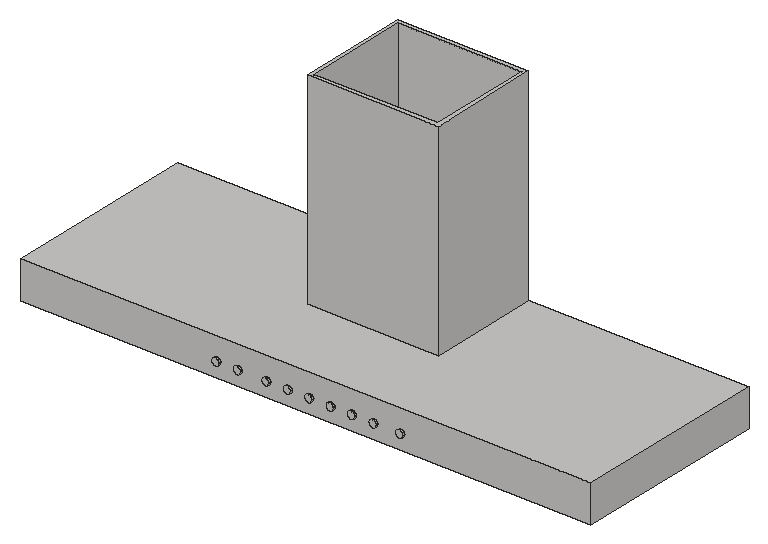
Revit family "AW442760", category Generic Models, Revit 2014
Parameters (values of type "AW442760")
  Width = 1600 mm
  URL = "http://www.gaggenau.com."
  Model = "AW442760"
  Manufacturer = "Gaggenau"
  Height = 680 mm
  Unit = Metal Panel
  Description = "Gaggenau 400 series 63\" professional wall hood w/ baffle filters, w/o blower"
  Depth = 550 mm
Types (2, lengths in mm): name | Model | Description
  AW442720 | "AW442720" | "Gaggenau 400 series professional wall hood w/ baffle filters, w/o blower"
  AW442760 | "AW442760" | "Gaggenau 400 series 63\" professional wall hood w/ baffle filters, w/o blower"
Reference planes
  plane 1 "Center (Front/Back)": y = 0
  plane 2: z = 0
  plane 3 "Center (Left/Right)": x = 0
  plane 4: x = -800
  plane 5: x = 800
  plane 6: y = 275
  plane 7: y = -275
  plane 8: z = 680
  plane 9: z = 3
  plane 10: z = 330
  plane 11: z = 105
  plane 12: y = -40
  plane 13: x = -183.359
  plane 14: x = 183.359
Forms (mm)
  Extrusion 1, solid, material "Metal Panel" <- "Unit"
    sketch origin (0, 0, 0) x (1, 0, 0) y (0, 1, 0)
      loop
        line (-800, 275) -> (-800, -275) -> (800, -275) -> (800, 275) -> (-800, 275)
      loop
        line (-725, 200) -> (-725, -200) -> (725, -200) -> (725, 200) -> (-725, 200)
    from 0 to 105
  Extrusion 2, solid, material "Metal Panel" <- "Unit"
    sketch origin (0, 0, 0) x (1, 0, 0) y (0, 1, 0)
      loop
        line (-183.359, 275) -> (-183.359, -40) -> (183.359, -40) -> (183.359, 275) -> (-183.359, 275)
      loop
        line (-173.359, 265) -> (-173.359, -30) -> (173.359, -30) -> (173.359, 265) -> (-173.359, 265)
    from 105 to 680
  Extrusion 3, solid, material "Metal Panel" <- "Unit"
    sketch origin (0, 0, 0) x (1, 0, 0) y (0, 1, 0)
      loop
        line (-725, 200) -> (-725, -200) -> (725, -200) -> (725, 200) -> (173.359, 200) -> (173.359, -30) -> (-173.359, -30) -> (-173.359, 200) -> (-725, 200)
    from 48.585 to 105
  Extrusion 4, solid, material "Metal Panel" <- "Unit"
    sketch origin (0, 0, 0) x (0, 1, 0) y (1, 0, 0)
      loop
        line (-200, -687.754) -> (200, -687.754) -> (200, -659.442) -> (-200, -659.442) -> (-200, -687.754)
      loop
        line (-200, -607.754) -> (200, -607.754) -> (200, -579.442) -> (-200, -579.442) -> (-200, -607.754)
      loop
        line (-200, -522.754) -> (200, -522.754) -> (200, -494.442) -> (-200, -494.442) -> (-200, -522.754)
      loop
        line (-200, -422.754) -> (200, -422.754) -> (200, -394.442) -> (-200, -394.442) -> (-200, -422.754)
      loop
        line (-200, -342.754) -> (200, -342.754) -> (200, -314.442) -> (-200, -314.442) -> (-200, -342.754)
      loop
        line (-200, -257.754) -> (200, -257.754) -> (200, -229.442) -> (-200, -229.442) -> (-200, -257.754)
      loop
        line (-200, -157.754) -> (200, -157.754) -> (200, -129.442) -> (-200, -129.442) -> (-200, -157.754)
      loop
        line (-200, -77.754) -> (200, -77.754) -> (200, -49.442) -> (-200, -49.442) -> (-200, -77.754)
      loop
        line (-200, 7.246) -> (200, 7.246) -> (200, 35.558) -> (-200, 35.558) -> (-200, 7.246)
      loop
        line (-200, 107.246) -> (200, 107.246) -> (200, 135.558) -> (-200, 135.558) -> (-200, 107.246)
      loop
        line (-200, 187.246) -> (200, 187.246) -> (200, 215.558) -> (-200, 215.558) -> (-200, 187.246)
      loop
        line (-200, 272.246) -> (200, 272.246) -> (200, 300.558) -> (-200, 300.558) -> (-200, 272.246)
      loop
        line (-200, 372.246) -> (200, 372.246) -> (200, 400.558) -> (-200, 400.558) -> (-200, 372.246)
      loop
        line (-200, 452.246) -> (200, 452.246) -> (200, 480.558) -> (-200, 480.558) -> (-200, 452.246)
      loop
        line (-200, 537.246) -> (200, 537.246) -> (200, 565.558) -> (-200, 565.558) -> (-200, 537.246)
      loop
        line (-200, 637.246) -> (200, 637.246) -> (200, 665.558) -> (-200, 665.558) -> (-200, 637.246)
    from -48.585 to 0
  Extrusion 5, solid, material "Metal Panel" <- "Unit"
    sketch origin (0, 0, 0) x (1, 0, 0) y (0, 0, 1)
      loop
        circle (-248.905, 41.996) r 10
      loop
        circle (-188.905, 41.996) r 10
      loop
        circle (-108.905, 41.996) r 10
      loop
        circle (-48.905, 41.996) r 10
      loop
        circle (11.095, 41.996) r 10
      loop
        circle (71.095, 41.996) r 10
      loop
        circle (131.095, 41.996) r 10
      loop
        circle (191.095, 41.996) r 10
      loop
        circle (266.095, 41.996) r 10
    from 279.116 to 275
Cuts and joins
  joined: Extrusion 1, Extrusion 3
Dimensions and locks
  equal spacing: plane 4, plane 3 "Center (Left/Right)", plane 5
  equal spacing: plane 6, plane 1 "Center (Front/Back)", plane 7
  "Width": plane 4 to plane 5
  "Depth": plane 6 to plane 7
  "Height": plane 8 to plane 2
  plane 6 to plane 12 = 315 mm
  equal spacing: plane 13, plane 3 "Center (Left/Right)", plane 14
  plane 13 to plane 14 = 366.719 mm
  aligned and locked: level to plane 2
Automatic sketch dimensions
  Extrusion 1 sketch curve to plane 4 = 0 mm
  Extrusion 1 sketch curve to plane 5 = 0 mm
  plane 7 to Extrusion 1 sketch curve = 0 mm
  Extrusion 1 sketch curve to plane 6 = 0 mm
  plane 4 to Extrusion 1 sketch curve = 75 mm
  plane 5 to Extrusion 1 sketch curve = 75 mm
  Extrusion 1 sketch curve to plane 7 = 75 mm
  Extrusion 1 sketch curve to plane 6 = 75 mm
  Extrusion 2 sketch curve to plane 12 = 0 mm
  Extrusion 2 sketch curve to plane 13 = 0 mm
  Extrusion 2 sketch curve to plane 6 = 0 mm
  Extrusion 2 sketch curve to plane 14 = 0 mm
  plane 13 to Extrusion 2 sketch curve = 10 mm
  Extrusion 2 sketch curve to plane 14 = 10 mm
  plane 12 to Extrusion 2 sketch curve = 10 mm
  Extrusion 2 sketch curve to plane 6 = 10 mm
  plane 4 to Extrusion 3 sketch curve = 75 mm
  plane 13 to Extrusion 3 sketch curve = 10 mm
  plane 5 to Extrusion 3 sketch curve = 75 mm
  Extrusion 3 sketch curve to plane 7 = 75 mm
  plane 12 to Extrusion 3 sketch curve = 10 mm
  Extrusion 3 sketch curve to plane 14 = 10 mm
  Extrusion 3 sketch curve to plane 6 = 75 mm  (x2)
  Extrusion 1 to Extrusion 4 sketch curve = 0 mm  (x16)
  Extrusion 4 sketch curve to Extrusion 1 = 0 mm  (x16)
  Extrusion 4 sketch curve to Extrusion 1 = 59.442 mm
  Extrusion 4 sketch curve to Extrusion 4 sketch curve = 28.312 mm  (x16)
  Extrusion 4 sketch curve to Extrusion 4 sketch curve = 71.688 mm  (x5)
  Extrusion 4 sketch curve to Extrusion 4 sketch curve = 56.688 mm  (x5)
  Extrusion 4 sketch curve to Extrusion 4 sketch curve = 51.688 mm  (x5)
  Extrusion 5 sketch curve to plane 13 = 65.546 mm
  Extrusion 5 sketch curve to Extrusion 5 sketch curve = 60 mm  (x3)
  Extrusion 5 sketch curve to plane 3 "Center (Left/Right)" = 108.905 mm
  Extrusion 5 sketch curve to plane 3 "Center (Left/Right)" = 48.905 mm
  Extrusion 5 sketch curve to plane 14 = 112.265 mm
  Extrusion 5 sketch curve to plane 14 = 52.265 mm
  plane 9 to Extrusion 5 sketch curve = 38.996 mm  (x9)
  Extrusion 5 sketch curve to Extrusion 5 sketch curve = 75 mm
  radius of Extrusion 5 sketch curve = 10 mm  (x9)
